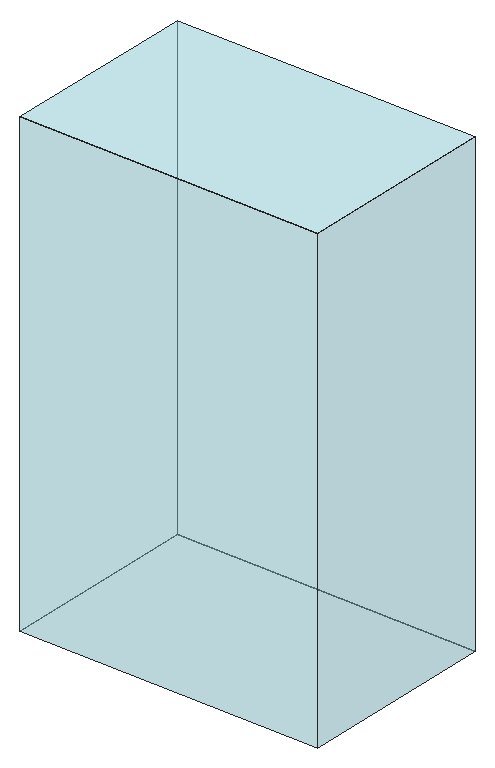
Revit family "АВЛН_Лифт с противовесом", category Специальное оборудование, Revit 2019
Family settings
  Размер круглого соединителя = Использовать диаметр
  Тип детали = Нормальный
  Всегда вертикально = Да
  При загрузке вырезать с полостями = Нет
  Общий = Нет
  Точка расчета площади = Нет
Parameters (values of type "Лифт_2650х1750 2")
  Штрина противовеса = 900 mm
  Ширина короба противовеса = 1000 mm
  Ширина кабины = 2100 mm
  Шахта_Ширина = 2650 mm
  Шахта_Приямок = 0 mm
  Шахта_Отступ проема B = 1060 mm
  Шахта_Отступ проема A = 390 mm
  Шахта_Маш.отд. = 100 mm
  Шахта_Глубина = 1750 mm
  Шахта_Высота проема = 2200 mm
  Шахта_Высота [instance] = 4000 mm
  Толщина короба противовеса = 30 mm
  Спереди_Право = Шахта_Отступ проема B  # 1060 mm
  Спереди_Лево = 390 mm
  Отступ противовеса от шахты = 143 mm
  Отступ противовеса от оси кабины = 350 mm
  Отступ ловителя от оси кабины = 50 mm
  Отступ ловителя = 150 mm
  Отступ кабины спереди = 150 mm
  Отступ кабины слева = 315 mm
  Оборудование_Центр = and(not(Оборудование_Право), not(Оборудование_Лево))  # no
  Оборудование_Право = yes
  Оборудование_Лево = no
  Назед_Лево = 390 mm
  Назад_Право = Шахта_Отступ проема B  # 1060 mm
  Доступность МГН = no
  Model = ""
  Глубина противовеса = 150 mm
  Глубина короба противовеса = 363 mm
  Глубина кабины = 1100 mm
  Шахта_Ширина проема [instance] = 1200 mm
  AR_Скорость подъема (м/с) = "1"
Types (12, lengths in mm): name | Штрина противовеса | Ширина короба противовеса | Ширина кабины | Шахта_Ширина | Шахта_Приямок | Шахта_Отступ проема B | Шахта_Отступ проема A | Шахта_Маш.отд. | Шахта_Глубина | Спереди_Право | Спереди_Лево | Отступ противовеса от шахты | Отступ противовеса от оси кабины | Отступ ловителя от оси кабины | Отступ ловителя | Отступ кабины спереди | Отступ кабины слева | Оборудование_Право | Оборудование_Лево | Назед_Лево | Назад_Право | Model | Глубина короба противовеса | Глубина кабины | Шахта_Ширина проема
  Лифт_2650х1750 2 | 900 | 1000 | 2100 | 2650 | 0 | 1060 | 390 | 100 | 1750 | 1060 | 390 | 143 | 350 | 50 | 150 | 150 | 315 | yes | no | 390 | 1060 | "" | 363 | 1100 | 1200
  Лифт_2650х1750 (пунктир) | 900 | 1000 | 2100 | 2650 | 0 | 1060 | 390 | 100 | 1750 | 1060 | 390 | 143 | 350 | 50 | 150 | 150 | 315 | yes | no | 390 | 1060 | "Лифт" | 363 | 1100 | 1200
  Лифт_1950х1750 2 | 900 | 1000 | 1100 | 1950 | 0 | 600 | 450 | 100 | 1750 | 600 | 450 | 143 | 350 | 50 | 150 | 150 | 485 | no | yes | 450 | 600 | "Лифт" | 363 | 1400 | 900
  Лифт_2550х1850 | 900 | 1000 | 2100 | 2550 | 0 | 960 | 390 | 100 | 1850 | 960 | 390 | 143 | 350 | 50 | 150 | 150 | 220 | yes | no | 390 | 960 | "Лифт" | 363 | 1100 | 1200
  Лифт_2850х1700 | 1050 | 1250 | 2160 | 2850 | 0 | 1200 | 300 | 100 | 1700 | 1200 | 300 | 143 | 43 | 78 | 163 | 235 | 245 | yes | no | 300 | 1200 | "Лифт" | 363 | 1155 | 1350
  Лифт_2800х1700 | 900 | 1000 | 2100 | 2700 | 1450 | 1050 | 300 | 1000 | 1800 | 1050 | 300 | 143 | 120 | 50 | 100 | 270 | 160 | yes | no | 300 | 1050 | "Лифт" | 363 | 1100 | 1350
  Лифт_1650х1800 | 1000 | 1100 | 1000 | 1650 | 1400 | 500 | 150 | 1780 | 1800 | 500 | 150 | 85 | 0 | 50 | 100 | 235 | 240 | yes | no | 150 | 500 | "Лифт" | 298 | 1100 | 1000
  Лифт_2650х1800 | 1000 | 1100 | 2100 | 2650 | 1400 | 1100 | 150 | 1780 | 1800 | 1100 | 150 | 35 | 0 | 50 | 100 | 235 | 190 | yes | no | 150 | 1100 | "Лифт" | 248 | 1100 | 1400
  Лифт_1650х1100 | 900 | 1000 | 1100 | 1650 | 1450 | 0 | 300 | 1000 | 1800 | 0 | 300 | 143 | 120 | 50 | 100 | 270 | 160 | yes | no | 300 | 0 | "Лифт" | 363 | 1000 | 1350
  Лифт_2650х1600 | 900 | 1000 | 2000 | 2650 | 1450 | 1000 | 300 | 1000 | 1800 | 1000 | 300 | 143 | 120 | 50 | 100 | 270 | 160 | yes | no | 300 | 1000 | "Лифт" | 363 | 1100 | 1350
  Лифт_2800х1000 | 900 | 1000 | 1100 | 1700 | 1450 | 50 | 300 | 1000 | 1800 | 50 | 300 | 143 | 120 | 50 | 100 | 270 | 160 | yes | no | 300 | 50 | "Лифт" | 363 | 1000 | 1350
  Лифт_2800х1600 | 900 | 1000 | 2000 | 2600 | 1450 | 950 | 300 | 1000 | 1800 | 950 | 300 | 143 | 120 | 50 | 100 | 270 | 160 | yes | no | 300 | 950 | "Лифт" | 363 | 1100 | 1350
Reference planes
  plane 1 "По центру (Вперед/Назад)": y = 0
  plane 2: z = 0
  plane 3 "По центру (Влево/Вправо)": x = 0
  plane 4: y = 875
  plane 5: y = -875
  plane 6 "Право": x = 1325
  plane 7 "Лево": x = -1325
  plane 8: x = -935
  plane 9: x = 265
  plane 10 "Верх": z = 4000
  plane 11 "План": z = 1000
  plane 12 "Верх проема": z = 2200
  plane 13 "Маш.отд.": z = 4100
  plane 14 "Приямок": z = 0
  plane 15: y = -725
  plane 16: y = 375
  plane 17: y = -175
  plane 18: x = -1175
  plane 19: x = 962
  plane 20: y = -725
  plane 21: x = -1010
  plane 22: x = 1090
  plane 23: x = 40
  plane 24: x = 1182
  plane 25: x = 1032
  plane 26: y = 175
  plane 27: y = 675
  plane 28: y = -325
  plane 29: y = 625
  plane 30: y = -275
  plane 31: y = 725
  plane 32: y = 512
  plane 33: x = -310
  plane 34: y = -512
  plane 35: y = -225
  plane 36: x = -10
Forms (mm)
  Extrusion 1, solid, material "Концепция. Форма по умолчанию", detail levels medium+fine
    sketch origin (0, 0, 0) x (1, 0, 0) y (0, 1, 0)
      loop
        line (1325, 875) -> (-1325, 875) -> (-1325, -875) -> (1325, -875) -> (1325, 875)
    from 0 to 4100
Lines and regions (mm)
  model lines, style "Пунктир"
    curve 1: line (1325, 875, 0) -> (265, 875, 0)
    curve 2: line (1325, -875, 0) -> (1325, 875, 0)
    curve 3: line (-1325, -875, 0) -> (-935, -875, 0)
    curve 4: line (-1325, 875, 0) -> (-1325, -875, 0)
    curve 5: line (265, -875, 0) -> (1325, -875, 0)
    curve 7: line (1325, 0, 4100) -> (-1325, 0, 4100)
    curve 8: line (1325, 0, 0) -> (1325, 0, 4100)
    curve 9: line (-1325, 0, 4100) -> (-1325, 0, 0)
    curve 19: line (-1325, 0, 0) -> (1325, 0, 0)
    curve 20: line (0, 875, 4100) -> (0, -875, 4100)
    curve 21: line (0, 875, 0) -> (0, 875, 4100)
    curve 22: line (0, -875, 0) -> (0, 875, 0)
    curve 23: line (0, -875, 4100) -> (0, -875, 0)
    curve 24: line (-935, 875, 0) -> (-1325, 875, 0)
    curve 26: line (265, -875, 0) -> (265, -975, 0)
    curve 27: line (-935, -875, 0) -> (-935, -975, 0)
  model lines, style "InvisibleLines", not visible
    curve 6: line (0, 0, 0) -> (0, 0, 4100)
  model lines, not visible
    curve 10: line (800, 1100, 1000) -> (520, 1100, 1000)
    curve 11: line (800, -1100, 1000) -> (800, 1100, 1000)
    curve 12: line (-800, -1100, 1000) -> (-500, -1100, 1000)
    curve 13: line (-800, 1100, 1000) -> (-800, -1100, 1000)
    curve 14: line (600, -1100, 1000) -> (800, -1100, 1000)
    curve 15: line (800, -300, 4000) -> (-800, -300, 4000)
    curve 16: line (800, -300, 0) -> (800, -300, 4000)
    curve 17: line (-800, -300, 0) -> (800, -300, 0)
    curve 18: line (-800, -300, 4000) -> (-800, -300, 0)
    curve 25: line (-340, 1100, 1000) -> (-800, 1100, 1000)
  model lines, style "Пунктир", not visible
    curve 28: line (265, 875, 0) -> (265, 975, 0)
    curve 29: line (-935, 875, 0) -> (-935, 975, 0)
  symbolic lines
    curve 30: line (1075, -300, 2200) -> (-1175, -300, 2200)
    curve 31: line (1075, -300, -200) -> (1075, -300, 2200)
    curve 32: line (-1175, -300, -200) -> (1075, -300, -200)
    curve 33: line (-1175, -300, 2200) -> (-1175, -300, -200)
    curve 34: line (300, 625, 2200) -> (300, -725, 2200)
    curve 35: line (300, 625, -200) -> (300, 625, 2200)
    curve 36: line (300, -725, -200) -> (300, 625, -200)
    curve 37: line (300, -725, 2200) -> (300, -725, -200)
    curve 38: line (1075, -300, 2200) -> (-1175, -300, -200)
    curve 39: line (1075, -300, -200) -> (-1175, -300, 2200)
    curve 40: line (300, 625, 2200) -> (300, -725, -200)
    curve 41: line (300, 625, -200) -> (300, -725, 2200)
  symbolic lines, style "SpecialityEquipmentHiddenLines"
    curve 42: line (-300, -875, 2200) -> (-300, -975, 2200)
  symbolic lines, style "SpecialityEquipmentHiddenLines", not visible
    curve 43: line (-300, 875, 2200) -> (-300, 975, 2200)
Dimensions and locks
  equal spacing: plane 7 "Лево", plane 3 "По центру (Влево/Вправо)", plane 6 "Право"
  equal spacing: plane 4, plane 1 "По центру (Вперед/Назад)", plane 5
  "Шахта_Глубина": plane 4 to plane 5
  "Шахта_Ширина": plane 7 "Лево" to plane 6 "Право"
  "Отступ кабины спереди": plane 5 to plane 15
  "Спереди_Лево": plane 7 "Лево" to plane 8
  "Спереди_Право": plane 9 to plane 6 "Право"
  "Назад_Право": curve 1 to plane 6 "Право"
  "Назед_Лево": plane 7 "Лево" to curve 24
  "Шахта_Ширина проема": plane 8 to plane 9
  locked: curve 26 to curve 26 at 100
  locked: curve 27 to curve 27 at 100
  locked: curve 28 to curve 28 at 100
  locked: curve 29 to curve 29 at 100
  plane 7 "Лево" to curve 33 = 150 mm
  plane 6 "Право" to curve 31 = 250 mm
  locked: curve 30 to plane 2 at 2200
  locked: plane 2 to curve 32 at 200
  locked: plane 2 to curve 36 at 200
  locked: curve 34 to plane 2 at 2200
  locked: plane 5 to curve 37 at 150
  curve 35 to plane 4 = 250 mm
  "Шахта_Высота": level to level
  locked: curve 42 to curve 42 at 100
  locked: curve 43 to curve 43 at 100
  "Шахта_Высота проема": plane 12 "Верх проема" to plane 2
  "Шахта_Маш.отд.": plane 13 "Маш.отд." to plane 10 "Верх"
  "Шахта_Приямок": plane 2 to plane 14 "Приямок"
  level to plane 2 = 0 mm
  "Глубина кабины": plane 16 to plane 15
  equal spacing: plane 16, plane 17, plane 15
  "Отступ ловителя": plane 7 "Лево" to plane 18
  "Глубина короба противовеса": plane 19 to plane 6 "Право"
  "Отступ ловителя": plane 20 to plane 5
  "Ширина кабины": plane 21 to plane 22
  equal spacing: plane 21, plane 23, plane 22
  "Отступ противовеса от шахты": plane 24 to plane 6 "Право"
  "Глубина противовеса": plane 25 to plane 24
  "Отступ противовеса от оси кабины": plane 17 to plane 26
  equal spacing: plane 27, plane 26, plane 28
  "Ширина короба противовеса": plane 27 to plane 28
  equal spacing: plane 29, plane 26, plane 30
  "Штрина противовеса": plane 29 to plane 30
  "Отступ кабины слева": plane 7 "Лево" to plane 21
  "Отступ ловителя": plane 4 to plane 31
  "Глубина короба противовеса": plane 4 to plane 32
  "Отступ противовеса от оси кабины": plane 33 to plane 23
  "Глубина короба противовеса": plane 5 to plane 34
  "Отступ ловителя от оси кабины": plane 17 to plane 35
  "Отступ ловителя от оси кабины": plane 36 to plane 23
  aligned and locked: level to plane 2
  aligned and locked: plane 10 "Верх" to level
  aligned and locked: plane 3 "По центру (Влево/Вправо)" to curve 6
  aligned and locked: curve 23 to plane 5
  aligned and locked: plane 4 to curve 21
  aligned and locked: plane 12 "Верх проема" to curve 42
  aligned and locked: plane 13 "Маш.отд." to curve 7
  aligned and locked: curve 20 to plane 13 "Маш.отд."
  aligned and locked: curve 22 to plane 14 "Приямок"
  aligned and locked: plane 14 "Приямок" to curve 19
  aligned and locked: plane 13 "Маш.отд." to Extrusion 1
  aligned and locked: plane 14 "Приямок" to Extrusion 1
  aligned and locked: nested 1 to plane 15
  aligned and locked: nested 3 to plane 18
  aligned and locked: plane 19 to nested 4
  aligned and locked: nested 9 to plane 20
  aligned and locked: nested 5 to plane 6 "Право"
  aligned and locked: nested 5 to plane 26
  aligned and locked: plane 7 "Лево" to Extrusion 1
  aligned and locked: plane 23 to nested 1
  aligned and locked: plane 31 to nested 10
  aligned and locked: plane 32 to nested 8
  aligned and locked: nested 6 to plane 33
  aligned and locked: plane 4 to nested 6
  aligned and locked: plane 34 to nested 11
  aligned and locked: plane 33 to nested 7
  aligned and locked: nested 7 to plane 5
  aligned and locked: nested 3 to plane 35
  aligned and locked: plane 35 to nested 4
  aligned and locked: plane 36 to nested 9
  aligned and locked: plane 36 to nested 11
  aligned and locked: nested 8 to plane 36
  aligned and locked: nested 10 to plane 36
Automatic sketch dimensions
  curve 2 to curve 3 = 2650 mm
  curve 4 to curve 1 = 1590 mm
  curve 4 to curve 4 = 1750 mm
  curve 3 to curve 5 = 2260 mm
  curve 2 to curve 5 = 1060 mm
  curve 1 to curve 1 = 1060 mm
  curve 24 to curve 4 = 390 mm
  curve 3 to curve 3 = 390 mm
  curve 11 to curve 12 = 1600 mm
  curve 13 to curve 10 = 0 mm
  curve 13 to curve 13 = 2200 mm
  curve 12 to curve 14 = 0 mm
  curve 11 to curve 14 = 200 mm
  curve 10 to curve 10 = 280 mm
  curve 25 to curve 13 = 460 mm
  curve 12 to curve 12 = 300 mm
  plane 12 "Верх проема" to curve 43 = 0 mm
  curve 43 to plane 4 = 0 mm
  curve 42 to plane 5 = 0 mm
  plane 7 "Лево" to curve 9 = 0 mm
  plane 6 "Право" to curve 7 = 0 mm
  Extrusion 1 sketch curve to plane 4 = 0 mm
  Extrusion 1 sketch curve to plane 7 "Лево" = 0 mm
  Extrusion 1 sketch curve to plane 5 = 0 mm
  Extrusion 1 sketch curve to plane 6 "Право" = 0 mm
  curve 4 to plane 7 "Лево" = 0 mm
  curve 3 to plane 8 = 0 mm
  curve 24 to plane 8 = 0 mm
  curve 26 to plane 9 = 0 mm
  curve 5 to plane 5 = 0 mm
  curve 1 to plane 4 = 0 mm
  curve 1 to plane 9 = 0 mm
  curve 1 to plane 6 "Право" = 0 mm
  curve 27 to plane 5 = 0 mm
  curve 29 to plane 4 = 0 mm
Nested families
  nested 1: "(D)_Условно_Лифт_Кабина" at (40, -175, 0), a <- "Ширина кабины", b <- "Глубина кабины", type "(D)_Условно_Лифт_Кабина"
    with b 1100 mm, a 2100 mm
  nested 2: "(AT)_Символ доступности МГН" at (0, 0, 0), visible <- "Доступность МГН", type "Символ доступности МГН"
  nested 3: "Ловители" at (-1175, -225, 0) x (0, -1, 0) z (0, 0, 1), visible <- "Оборудование_Право", type "Ловители"
    with b 2000 mm, a 1500 mm
  nested 4: "Ловители" at (962, -225, 0) x (0, 1, 0) z (0, 0, 1), visible <- "Оборудование_Право", type "Ловители"
    with b 2000 mm, a 1500 mm
  nested 5: "Противовес" at (1325, 175, 0) x (0, 1, 0) z (0, 0, 1), visible <- "Оборудование_Право", type "Противовес"
    with b 2000 mm, a 1500 mm
  nested 6: "Противовес" at (-310, 875, 0) x (-1, 0, 0) z (0, 0, 1), visible <- "Оборудование_Центр", type "Противовес"
    with b 2000 mm, a 1500 mm
  nested 7: "Противовес" at (-310, -875, 0), visible <- "Оборудование_Лево", type "Противовес"
    with b 2000 mm, a 1500 mm
  nested 8: "Ловители" at (-10, 512, 0) x (-1, 0, 0) z (0, 0, 1), visible <- "Оборудование_Центр", type "Ловители"
    with b 2000 mm, a 1500 mm
  nested 9: "Ловители" at (-10, -725, 0), visible <- "Оборудование_Центр", type "Ловители"
    with b 2000 mm, a 1500 mm
  nested 10: "Ловители" at (-10, 725, 0) x (-1, 0, 0) z (0, 0, 1), visible <- "Оборудование_Лево", type "Ловители"
    with b 2000 mm, a 1500 mm
  nested 11: "Ловители" at (-10, -512, 0), visible <- "Оборудование_Лево", type "Ловители"
    with b 2000 mm, a 1500 mm
Definition of nested family "(D)_Условно_Лифт_Кабина"
  Parameters (values of type "(D)_Условно_Лифт_Кабина")
    Оборудование_Центр = yes
    Оборудование_Право = no
    Оборудование_Лево/Право = no
    b [instance] = 2000 mm
    a [instance] = 1500 mm
  Reference planes
    plane 1 "По центру (Вперед/Назад)": y = 0
    plane 2: z = 0
    plane 3 "По центру (Влево/Вправо)": x = 0
  Lines and regions (mm)
    detail lines, in view "Опорный уровень"
      curve 1: line (750, 1000, 0) -> (-750, 1000, 0)
      curve 2: line (750, -1000, 0) -> (750, 1000, 0)
      curve 3: line (-750, -1000, 0) -> (750, -1000, 0)
      curve 4: line (-750, 1000, 0) -> (-750, -1000, 0)
      curve 5: line (750, 1000, 0) -> (-750, -1000, 0)
      curve 6: line (-750, 1000, 0) -> (750, -1000, 0)
    detail lines, in view "Опорный уровень", visible <- "Оборудование_Центр"
      curve 7: line (550, 1130, 0) -> (-550, 1130, 0)
      curve 8: line (550, 1050, 0) -> (550, 1130, 0)
      curve 9: line (-550, 1050, 0) -> (550, 1050, 0)
      curve 10: line (-550, 1130, 0) -> (-550, 1050, 0)
    detail lines, in view "Опорный уровень", visible <- "Оборудование_Право"
      curve 11: line (880, 800, 0) -> (800, 800, 0)
      curve 12: line (880, -250, 0) -> (880, 800, 0)
      curve 13: line (800, -250, 0) -> (880, -250, 0)
      curve 14: line (800, 800, 0) -> (800, -250, 0)
    detail lines, in view "Опорный уровень", visible <- "Оборудование_Лево/Право"
      curve 15: line (-880, 800, 0) -> (-800, 800, 0)
      curve 16: line (-880, -250, 0) -> (-880, 800, 0)
      curve 17: line (-800, -250, 0) -> (-880, -250, 0)
      curve 18: line (-800, 800, 0) -> (-800, -250, 0)
  Dimensions and locks
    equal spacing: curve 4, plane 3 "По центру (Влево/Вправо)", curve 2
    equal spacing: curve 1, plane 1 "По центру (Вперед/Назад)", curve 3
    "b": curve 1 to curve 3
    "a": curve 4 to curve 2
    locked: curve 1 to curve 9 at 50
    locked: curve 7 to curve 9 at 80
    locked: curve 4 to curve 10 at 200
    locked: curve 8 to curve 2 at 200
    locked: curve 2 to curve 14 at 50
    locked: curve 14 to curve 12 at 80
    locked: curve 1 to curve 11 at 200
    locked: curve 13 to plane 1 "По центру (Вперед/Назад)" at 250
    locked: curve 4 to curve 18 at 50
    locked: curve 18 to curve 16 at 80
    locked: curve 1 to curve 15 at 200
    locked: curve 17 to plane 1 "По центру (Вперед/Назад)" at 250
Definition of nested family "(AT)_Символ доступности МГН"
  Parameters (values of type "Символ доступности МГН")
    Символ доступности МГН = yes
  Reference planes
    plane 1: y = 0
    plane 2: x = 0
  Lines and regions (mm)
    Filled region 1, type "Серая", visible <- "Символ доступности МГН"
      outline origin (0, 0, 0) x (0, 1, 0) y (-1, 0, 0)
        loop
          line (2.654, -0.542) -> (2.654, 2.345) -> (1.854, 2.345) -> (1.854, -0.379) -> (0.738, -0.151) -> (0.738, 3.398) -> (-2.141, 4.106) -> (-1.864, 5.374) -> (-2.971, 5.646) -> (-3.517, 3.845) -> (0, 2.888) -> (0, -0.983) -> (4.564, -1.595)
          arc (4.564, -1.595) -> (6.084, -0.106) -> (4.085, -0.835) r 1.088
          line (4.085, -0.835) -> (2.654, -0.542)
        loop
          line (-2.321, 2.488) -> (-2.5, 3.278)
          arc (-2.5, 3.278) -> (-4.549, -2.916) -> (1.885, -1.839) r 3.809
          line (1.885, -1.839) -> (1.052, -1.727)
          arc (1.052, -1.727) -> (-3.999, -2.311) -> (-2.321, 2.488) r 3
Definition of nested family "Ловители"
  Parameters (values of type "Ловители")
    Оборудование_Центр = no
    Оборудование_Право = yes
    Оборудование_Лево/Право = no
    b [instance] = 2000 mm
    a [instance] = 1500 mm
  Reference planes
    plane 1 "По центру (Вперед/Назад)": y = 0
    plane 2: z = 0
    plane 3 "По центру (Влево/Вправо)": x = 0
  Lines and regions (mm)
    detail lines, in view "Опорный уровень"
      curve 1: line (-7.5, 50, 0) -> (7.5, 50, 0)
      curve 2: line (-35, 0, 0) -> (-35, 4.71, 0)
      curve 3: line (35, 0, 0) -> (-35, 0, 0)
      curve 4: line (35, 4.71, 0) -> (35, 0, 0)
      curve 5: line (-35, 4.71, 0) -> (-5, 10, 0)
      curve 6: line (-5, 10, 0) -> (-5, 30, 0)
      curve 7: line (7.5, 30, 0) -> (7.5, 50, 0)
      curve 8: line (5, 10, 0) -> (5, 30, 0)
      curve 9: line (-7.5, 30, 0) -> (-7.5, 50, 0)
      curve 10: line (35, 4.71, 0) -> (5, 10, 0)
      curve 11: line (-7.5, 30, 0) -> (7.5, 30, 0)
Definition of nested family "Противовес"
  Parameters (values of type "Противовес")
    Ш.противовеса = 900 mm
    Ш.Короба противовеса = 1000 mm
    Оборудование_Центр = no
    Оборудование_Право = yes
    Оборудование_Лево/Право = no
    О.Противовеса от шахты = 143 mm
    Г.Противовеса = 150 mm
    Г.Короба противовеса = 363 mm
    t = 30 mm
    b [instance] = 2000 mm
    a [instance] = 1500 mm
  Reference planes
    plane 1 "По центру (Вперед/Назад)": y = 0
    plane 2: z = 0
    plane 3 "По центру (Влево/Вправо)": x = 0
    plane 4: y = 363
    plane 5: x = -470
    plane 6: x = 470
    plane 7: y = 333
    plane 8: x = -500
    plane 9: x = 500
    plane 10: x = -450
    plane 11: x = 450
    plane 12: y = 143
    plane 13: y = 293
    plane 14: y = 218
    plane 15: y = 233
    plane 16: y = 203
    plane 17: y = 220.5
    plane 18: y = 215.5
    plane 19: x = -465
    plane 20: x = 465
  Lines and regions (mm)
    Filled region 1, type "Сплошная заливка - Черный", in view "Опорный уровень"
      outline origin (0, 0, 0) x (1, 0, 0) y (0, 1, 0)
        loop
          line (-470, 233) -> (-470, 203) -> (-465, 203) -> (-465, 215.5) -> (-450, 215.5) -> (-450, 220.5) -> (-465, 220.5) -> (-465, 233) -> (-470, 233)
        loop
          line (470, 203) -> (470, 233) -> (465, 233) -> (465, 220.5) -> (450, 220.5) -> (450, 215.5) -> (465, 215.5) -> (465, 203) -> (470, 203)
    detail lines, in view "Опорный уровень"
      curve 1: line (-500, 0, 0) -> (-470, 0, 0)
      curve 2: line (-500, 363, 0) -> (-500, 0, 0)
      curve 3: line (500, 363, 0) -> (-500, 363, 0)
      curve 4: line (500, 0, 0) -> (500, 363, 0)
      curve 5: line (-470, 333, 0) -> (470, 333, 0)
      curve 6: line (-470, 0, 0) -> (-470, 333, 0)
      curve 7: line (470, 333, 0) -> (470, 0, 0)
      curve 8: line (470, 0, 0) -> (500, 0, 0)
      curve 9: line (-450, 293, 0) -> (450, 293, 0)
      curve 10: line (-450, 143, 0) -> (-450, 293, 0)
      curve 11: line (450, 143, 0) -> (-450, 143, 0)
      curve 12: line (450, 293, 0) -> (450, 143, 0)
  Dimensions and locks
    "t": plane 8 to plane 5
    "t": plane 6 to plane 9
    equal spacing: plane 8, plane 3 "По центру (Влево/Вправо)", plane 9
    "t": plane 4 to plane 7
    "Г.Короба противовеса": plane 4 to plane 1 "По центру (Вперед/Назад)"
    "Ш.Короба противовеса": plane 8 to plane 9
    equal spacing: plane 13, plane 14, plane 12
    "Г.Противовеса": plane 13 to plane 12
    "О.Противовеса от шахты": plane 12 to plane 1 "По центру (Вперед/Назад)"
    equal spacing: plane 15, plane 14, plane 16
    locked: plane 15 to plane 16 at 30
    equal spacing: plane 17, plane 14, plane 18
    locked: plane 17 to plane 18 at 5
    locked: plane 5 to plane 19 at 5
    locked: plane 20 to plane 6 at 5
    equal spacing: plane 10, plane 3 "По центру (Влево/Вправо)", plane 11
    "Ш.противовеса": plane 10 to plane 11
    aligned and locked: plane 4 to curve 3
    aligned and locked: curve 5 to plane 7
    aligned and locked: plane 5 to curve 6
    aligned and locked: curve 2 to plane 8
    aligned and locked: curve 7 to plane 6
    aligned and locked: plane 9 to curve 4
    aligned and locked: plane 10 to curve 10
    aligned and locked: plane 12 to curve 11
    aligned and locked: curve 9 to plane 13
    aligned and locked: curve 12 to plane 11
    aligned and locked: plane 17 to Filled region 1 sketch curve  (x2)
    aligned and locked: Filled region 1 sketch curve to plane 5
    aligned and locked: Filled region 1 sketch curve to plane 18  (x2)
    aligned and locked: plane 19 to Filled region 1 sketch curve  (x2)
    aligned and locked: Filled region 1 sketch curve to plane 15
    aligned and locked: plane 16 to Filled region 1 sketch curve
    aligned and locked: Filled region 1 sketch curve to plane 10
    aligned and locked: plane 6 to Filled region 1 sketch curve
    aligned and locked: Filled region 1 sketch curve to plane 20  (x2)
    aligned and locked: Filled region 1 sketch curve to plane 16
    aligned and locked: plane 15 to Filled region 1 sketch curve
    aligned and locked: plane 11 to Filled region 1 sketch curve
  Automatic sketch dimensions
    plane 1 "По центру (Вперед/Назад)" to curve 1 = 0 mm
    plane 1 "По центру (Вперед/Назад)" to curve 7 = 0 mm
